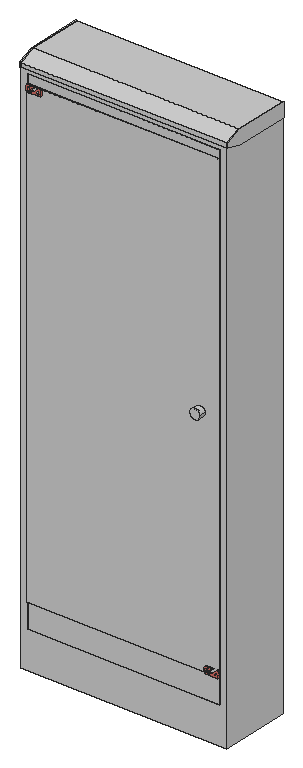
Revit family "120908-00185  Шкаф распределительный ШР-1200-2М ССД", category Обобщенные модели, Revit 2019
Family settings
  Может служить основой для арматурных стержней = Нет
  Размер круглого соединителя = Использовать диаметр
  Тип детали = Нормальный
  На основе рабочей плоскости = Нет
  Всегда вертикально = Да
  При загрузке вырезать с полостями = Нет
  Общий = Нет
  Точка расчета площади = Нет
Parameters (values of type "ШР-1200-2М")
  Толщина 5 = 5 mm  # constant formula
  Толщина 4 = 4 mm  # constant formula
  Толщина 25 = 25 mm  # constant formula
  Толщина -4 = -4 mm  # constant formula
  Смещение от уровня [instance] = 500 mm
  Описание = "Шкаф распределительный  ШР-1200-2М ССД"
  Ноль = 0 mm  # constant formula
  Материал букв = Металл красный
  Материал Каркаса = Металл серый
  ADSK_Этаж [instance] = ""
  ADSK_Размер_Ширина = 840 mm
  ADSK_Размер_Глубина = 285 mm
  ADSK_Размер_Высота = 2240 mm
  ADSK_Примечание [instance] = ""
  ADSK_Предел огнестойкости = ""
  ADSK_Позиция [instance] = ""
  ADSK_Обозначение = ""
  ADSK_Наименование краткое = "ШР-1200-2М"
  ADSK_Наименование = "Шкаф распределительный  ШР-1200-2М ССД"
  ADSK_Масса_Текст = "108"
  ADSK_Марка [instance] = ""
  ADSK_Количество [instance] = 1  # constant formula
  ADSK_Код изделия = "120908-00185"
  ADSK_Зона = ""
  ADSK_Завод-изготовитель = "АО СВЯЗЬСТРОЙДЕТАЛЬ"  # constant formula
  ADSK_Единица измерения = "шт"  # constant formula
  ADSK_URL страницы изделия = "Шкаф распределительный ШР-1200-2М ССД ( 120908-00185 ) (ssd.ru)"
  ADSK_URL документации изделия = "shr_decl_2017.pdf (ssd.ru)"
Reference planes
  plane 1 "тттт": y = 0
  plane 2: z = 0
  plane 3 "УУУУ": x = 0
  plane 4 "УК": y = -82.5
  plane 5: y = 82.5
  plane 6 "Е!": z = 500
  plane 7: z = 2740
  plane 8: z = 650
  plane 9: z = 2695
  plane 10: z = 2680
  plane 11 "Е-1": x = -420
  plane 12 "Е-2": x = 420
  plane 13 "П-2": y = 142.5
  plane 14 "П-1": y = -142.5
  plane 15: z = 2712
  plane 16: x = -393
  plane 17: x = 393
  plane 18: z = 750
  plane 19: z = 2647
  plane 20: x = 314.591
  plane 21: z = 1698.5
Forms (mm)
  Extrusion 1, void, not visible, detail levels fine
    sketch origin (-20, 0, 0) x (1, 0, 0) y (0, 0, 1)
      loop
        arc (-281.999, 290) -> (-261.999, 270) -> (-241.999, 290) r 20
        line (-241.999, 290) -> (-241.999, 370)
        arc (-241.999, 370) -> (-261.999, 390) -> (-281.999, 370) r 20
        line (-281.999, 370) -> (-281.999, 290)
    from 90 to 190
  Extrusion 2, void, not visible
    sketch origin (-20, 0, 225) x (1, 0, 0) y (0, 0, 1)
      loop
        circle (-261.999, 215) r 6.5
    from 90 to 190
  Extrusion 3, void, not visible, detail levels fine
    sketch origin (20, 0, 0) x (-1, 0, 0) y (0, 0, -1)
      loop
        line (-281.999, -290) -> (-281.999, -370)
        arc (-281.999, -370) -> (-261.999, -390) -> (-241.999, -370) r 20
        line (-241.999, -370) -> (-241.999, -290)
        arc (-241.999, -290) -> (-261.999, -270) -> (-281.999, -290) r 20
    from 90 to 190
  Extrusion 4, void, not visible
    sketch origin (20, 0, 225) x (-1, 0, 0) y (0, 0, -1)
      loop
        circle (-261.999, -215) r 6.5
    from 90 to 190
  Extrusion 5, void, not visible
    sketch origin (0, 0, 220) x (0, 1, 0) y (0, 0, 1)
      loop
        circle (-102, 220) r 3.036
      loop
        circle (-172.959, 220) r 3.036
      loop
        circle (-122, 237) r 3.036
      loop
        circle (-157.959, 237) r 3.036
      loop
        circle (-121.964, 203) r 3.036
      loop
        circle (-158.036, 203) r 3.036
      loop
        arc (-162.48, 75) -> (-137.48, 50) -> (-112.48, 75) r 25
        line (-112.48, 75) -> (-112.48, 145)
        arc (-112.48, 145) -> (-137.48, 170) -> (-162.48, 145) r 25
        line (-162.48, 145) -> (-162.48, 75)
    from -312 to 312
  Extrusion 6, solid, material "Металл серый" <- "Материал Каркаса", detail levels medium+fine
    sketch origin (0, -142.5, 0) x (-1, 0, 0) y (0, 0, 1)
      loop
        line (-420, 2695) -> (-420, 500) -> (420, 500) -> (420, 2695) -> (-420, 2695)
      loop
        line (393, 2680) -> (-393, 2680) -> (-393, 650) -> (393, 650) -> (393, 2680)
    from 4 <- "Толщина 4" to 0
  Extrusion 7, solid, material "Металл серый" <- "Материал Каркаса", detail levels medium+fine
    sketch origin (0, 142.5, 0) x (-1, 0, 0) y (0, 0, 1)
      loop
        line (420, 2695) -> (-420, 2695) -> (-420, 500) -> (420, 500) -> (420, 2695)
    from 0 to -4 <- "Толщина -4"
  Extrusion 8, solid, material "Металл серый" <- "Материал Каркаса", detail levels medium+fine
    sketch origin (-420, 0, 0) x (0, 1, 0) y (0, 0, 1)
      loop
        line (142.5, 2695) -> (-142.5, 2695) -> (-142.5, 500) -> (142.5, 500) -> (142.5, 2695)
    from 0 to 4 <- "Толщина 4"
  Extrusion 9, solid, material "Металл серый" <- "Материал Каркаса", detail levels medium+fine
    sketch origin (420, 0, 0) x (0, 1, 0) y (0, 0, 1)
      loop
        line (142.5, 2695) -> (-142.5, 2695) -> (-142.5, 500) -> (142.5, 500) -> (142.5, 2695)
    from -4 <- "Толщина -4" to 0
  Extrusion 10, solid, material "Металл серый" <- "Материал Каркаса", detail levels medium+fine
    sketch origin (-420, 0, 0) x (0, 1, 0) y (0, 0, 1)
      loop
        line (142.5, 2740) -> (-82.5, 2740) -> (-142.5, 2712) -> (-142.5, 2695) -> (-82.5, 2680) -> (142.5, 2680) -> (142.5, 2740)
    from -4 <- "Толщина -4" to 0
  Extrusion 11, solid, material "Металл серый" <- "Материал Каркаса", detail levels medium+fine
    sketch origin (420, 0, 0) x (0, 1, 0) y (0, 0, 1)
      loop
        line (-142.5, 2695) -> (-82.5, 2680) -> (142.5, 2680) -> (142.5, 2740) -> (-82.5, 2740) -> (-142.5, 2712) -> (-142.5, 2695)
    from 0 to 4 <- "Толщина 4"
  Extrusion 12, solid, material "Металл серый" <- "Материал Каркаса", detail levels medium+fine
    sketch origin (-420, 0, 0) x (0, 1, 0) y (0, 0, 1)
      loop
        line (-142.5, 2695) -> (-138.5, 2695) -> (-138.5, 2708.349) -> (-81.391, 2735) -> (138.5, 2735) -> (138.5, 2695) -> (142.5, 2695) -> (142.5, 2740) -> (-82.5, 2740) -> (-142.5, 2712) -> (-142.5, 2695)
    from 0 to 840
  Extrusion 13, solid, material "Металл серый" <- "Материал Каркаса", detail levels medium+fine
    sketch origin (0, -142.5, 0) x (-1, 0, 0) y (0, 0, 1)
      loop
        line (393, 2647) -> (-393, 2647) -> (-393, 750) -> (393, 750) -> (393, 2647)
    from -4 <- "Толщина -4" to 0
  Extrusion 14, solid, material "Металл серый" <- "Материал Каркаса", detail levels medium+fine
    sketch origin (0, -142.5, 0) x (-1, 0, 0) y (0, 0, 1)
      loop
        line (393, 750) -> (-393, 750) -> (-393, 650) -> (393, 650) -> (393, 750)
      loop
        line (393, 2680) -> (-393, 2680) -> (-393, 2647) -> (393, 2647) -> (393, 2680)
    from 0 to 4 <- "Толщина 4"
  Extrusion 15, solid, material "Металл серый" <- "Материал Каркаса", detail levels medium+fine
    sketch origin (0, -142.5, 0) x (-1, 0, 0) y (0, 0, 1)
      loop
        circle (-314.591, 1698.5) r 20
    from -30 to 0
  Extrusion 16, solid, material "Металл серый" <- "Материал Каркаса", detail levels medium+fine
    sketch origin (0, 0, 500) x (-1, 0, 0) y (0, -1, 0)
      loop
        line (420, -142.5) -> (420, 142.5) -> (-420, 142.5) -> (-420, -142.5) -> (420, -142.5)
    from 0 to 4
  Extrusion 17, solid, material "Металл серый" <- "Материал Каркаса", detail levels coarse
    sketch origin (0, 0, 0) x (1, 0, 0) y (0, 1, 0)
      loop
        line (-420, 142.5) -> (-420, -142.5) -> (420, -142.5) -> (420, 142.5) -> (-420, 142.5)
    from 500 to 2740
Cuts and joins
  joined: Extrusion 6, Extrusion 7, Extrusion 8, Extrusion 9, Extrusion 16
Dimensions and locks
  "Смещение от уровня": plane 6 "Е!" to level
  locked: plane 8 to plane 6 "Е!" at 150
  locked: plane 7 to plane 9 at 45
  locked: plane 9 to plane 10 at 15
  "ADSK_Размер_Высота": plane 7 to plane 6 "Е!"
  equal spacing: plane 13 "П-2", plane 1 "тттт", plane 14 "П-1"
  equal spacing: plane 11 "Е-1", plane 3 "УУУУ", plane 12 "Е-2"
  "ADSK_Размер_Глубина": plane 13 "П-2" to plane 14 "П-1"
  "ADSK_Размер_Ширина": plane 11 "Е-1" to plane 12 "Е-2"
  locked: plane 4 "УК" to plane 14 "П-1" at 60
  locked: plane 13 "П-2" to plane 5 at 60
  locked: plane 15 to plane 9 at 17
  locked: plane 16 to plane 11 "Е-1" at 27
  locked: plane 12 "Е-2" to plane 17 at 27
  "Толщина 5": Extrusion 10 to Extrusion 12 sketch curve  (x2)
  "Толщина 4": Extrusion 12 sketch curve to Extrusion 10
  "Толщина 4": Extrusion 10 to Extrusion 12 sketch curve
  locked: plane 18 to plane 8 at 100
  locked: plane 10 to plane 19 at 33
  plane 17 to plane 20 = 78.409 mm
  equal spacing: plane 19, plane 21, plane 18
  aligned and locked: level to plane 2
  aligned and locked: plane 9 to Extrusion 6 sketch curve
  aligned and locked: Extrusion 6 sketch curve to plane 6 "Е!"
  aligned and locked: Extrusion 6 sketch curve to plane 11 "Е-1"
  aligned and locked: plane 12 "Е-2" to Extrusion 6 sketch curve
  aligned and locked: Extrusion 6 sketch curve to plane 8
  aligned and locked: plane 17 to Extrusion 6 sketch curve
  aligned and locked: Extrusion 6 sketch curve to plane 16
  aligned and locked: Extrusion 6 sketch curve to plane 10
  aligned and locked: Extrusion 6 to plane 14 "П-1"
  aligned and locked: plane 6 "Е!" to Extrusion 7 sketch curve
  aligned and locked: plane 11 "Е-1" to Extrusion 7 sketch curve
  aligned and locked: Extrusion 7 sketch curve to plane 12 "Е-2"
  aligned and locked: Extrusion 7 sketch curve to plane 9
  aligned and locked: plane 13 "П-2" to Extrusion 7
  aligned and locked: Extrusion 8 sketch curve to Extrusion 7  (x2)
  aligned and locked: Extrusion 8 sketch curve to Extrusion 6  (x2)
  aligned and locked: Extrusion 8 to plane 11 "Е-1"
  aligned and locked: Extrusion 9 sketch curve to cut or joined group of Extrusion 6, Extrusion 7, Extrusion 8, Extrusion 9, Extrusion 16  (x2)
  aligned and locked: cut or joined group of Extrusion 6, Extrusion 7, Extrusion 8, Extrusion 9, Extrusion 16 to Extrusion 9 sketch curve
  aligned and locked: Extrusion 9 sketch curve to plane 9
  aligned and locked: plane 12 "Е-2" to Extrusion 9
  aligned and locked: plane 13 "П-2" to Extrusion 10 sketch curve
  aligned and locked: Extrusion 10 sketch curve to plane 7
  aligned and locked: plane 10 to Extrusion 10 sketch curve
  aligned and locked: plane 14 "П-1" to Extrusion 10 sketch curve
  aligned and locked: plane 15 to Extrusion 10 sketch curve
  aligned and locked: Extrusion 10 sketch curve to plane 4 "УК"  (x2)
  aligned and locked: plane 9 to Extrusion 10 sketch curve
  aligned and locked: plane 11 "Е-1" to Extrusion 10
  aligned and locked: Extrusion 11 sketch curve to plane 14 "П-1"
  aligned and locked: Extrusion 11 sketch curve to plane 10
  aligned and locked: plane 7 to Extrusion 11 sketch curve
  aligned and locked: Extrusion 11 sketch curve to plane 13 "П-2"
  aligned and locked: plane 15 to Extrusion 11 sketch curve
  aligned and locked: plane 4 "УК" to Extrusion 11 sketch curve  (x2)
  aligned and locked: plane 9 to Extrusion 11 sketch curve
  aligned and locked: Extrusion 11 to plane 12 "Е-2"
  aligned and locked: Extrusion 12 sketch curve to plane 7
  aligned and locked: plane 14 "П-1" to Extrusion 12 sketch curve
  aligned and locked: plane 13 "П-2" to Extrusion 12 sketch curve
  aligned and locked: Extrusion 12 to plane 11 "Е-1"
  aligned and locked: plane 12 "Е-2" to Extrusion 12
  aligned and locked: Extrusion 13 sketch curve to plane 19
  aligned and locked: Extrusion 13 sketch curve to cut or joined group of Extrusion 6, Extrusion 7, Extrusion 8, Extrusion 9, Extrusion 16
  aligned and locked: Extrusion 13 sketch curve to plane 18
  aligned and locked: Extrusion 13 sketch curve to plane 17
  aligned and locked: plane 14 "П-1" to Extrusion 13
  aligned and locked: Extrusion 14 sketch curve to Extrusion 13  (x4)
  aligned and locked: Extrusion 14 sketch curve to cut or joined group of Extrusion 6, Extrusion 7, Extrusion 8, Extrusion 9, Extrusion 16  (x4)
  aligned and locked: Extrusion 14 to plane 14 "П-1"
  aligned and locked: plane 14 "П-1" to Extrusion 15
  aligned and locked: Extrusion 16 sketch curve to cut or joined group of Extrusion 6, Extrusion 7, Extrusion 8, Extrusion 9, Extrusion 16  (x4)
  aligned and locked: plane 18 to nested 1
  aligned and locked: nested 1 to plane 17
  aligned and locked: plane 16 to nested 2
  aligned and locked: plane 19 to nested 2
  aligned and locked: nested 2 to Extrusion 13
  aligned and locked: Extrusion 13 to nested 1
  aligned and locked: Extrusion 17 sketch curve to cut or joined group of Extrusion 6, Extrusion 7, Extrusion 8, Extrusion 9, Extrusion 16  (x4)
  aligned and locked: plane 7 to Extrusion 17
  aligned and locked: Extrusion 17 to plane 6 "Е!"
  aligned and locked: nested 3 to plane 6 "Е!"
  aligned and locked: plane 7 to nested 3
  aligned and locked: plane 11 "Е-1" to nested 3
  aligned and locked: plane 12 "Е-2" to nested 3
Automatic sketch dimensions
  Extrusion 15 sketch curve to plane 20 = 0 mm
  Extrusion 15 sketch curve to plane 21 = 0 mm
  Extrusion 12 sketch curve to plane 4 "УК" = 0 mm
  Extrusion 12 sketch curve to plane 9 = 0 mm  (x2)
  Extrusion 12 sketch curve to plane 15 = 0 mm
  radius of Extrusion 15 sketch curve = 20 mm
Nested families
  nested 1: "ССД" at (363.016, -146.5, 750), Материал <- "Материал букв", type "ССД", detail levels fine
    with Материал Металл красный
  nested 2: "ССД" at (-363.016, -146.5, 2621), Материал <- "Материал букв", type "ССД", detail levels fine
    with Материал Металл красный
  nested 3: "ЭУ_Шкаф распределительный" at (0, 0, 500) x (1, 0, 0) z (0, -1, 0), type "ЭУ_Шкаф распределительный", detail levels coarse
    with ADSK_Размер_Ширина 840 mm, ADSK_Размер_Высота 2240 mm
Definition of nested family "ССД"
  Parameters (values of type "ССД")
    Материал [instance] = none
  Reference planes
    plane 1 "По центру (Вперед/Назад)": y = 0
    plane 2: z = 0
    plane 3 "По центру (Влево/Вправо)": x = 0
    plane 4: y = -5
    plane 5: z = 26
    plane 6: x = -29.984
    plane 7: x = 29.984
  Forms (mm)
    Extrusion 1, solid, material <- "Материал"
      sketch origin (-4.748, 0, -135.953) x (1, 0, 0) y (0, 0, 1)
        loop
          arc (-12.562, 161.735) -> (-25.455, 148.886) -> (-12.605, 135.993) r 12.871
          line (-12.605, 135.993) -> (-5.127, 135.993)
          arc (-5.127, 135.993) -> (-8.341, 138.928) -> (-10.997, 142.376) r 24.946
          line (-10.997, 142.376) -> (-12.584, 142.376)
          arc (-12.584, 142.376) -> (-19.072, 148.864) -> (-12.584, 155.352) r 6.488
          line (-12.584, 155.352) -> (-10.972, 155.352)
          arc (-10.972, 155.352) -> (-8.292, 158.804) -> (-5.051, 161.735) r 24.946
          line (-5.051, 161.735) -> (-12.562, 161.735)
        loop
          arc (3.387, 161.709) -> (-9.505, 148.859) -> (3.344, 135.967) r 12.871
          line (3.344, 135.967) -> (34.291, 135.915) -> (34.334, 161.666) -> (28.9, 161.666) -> (8.095, 144.25) -> (16.764, 144.25) -> (28.888, 154.399) -> (28.868, 142.307) -> (3.34, 142.35)
          arc (3.34, 142.35) -> (-3.122, 148.856) -> (3.377, 155.326) r 6.488
          line (3.377, 155.326) -> (4.978, 155.326)
          arc (4.978, 155.326) -> (7.657, 158.777) -> (10.898, 161.709) r 24.946
          line (10.898, 161.709) -> (3.387, 161.709)
      from 0 to 5
  Lines and regions (mm)
    symbolic lines
      curve 1: line (-29.984, 0, 0) -> (29.984, 0, 0)
      curve 2: line (-29.984, 0, 26) -> (29.984, 0, 26)
      curve 3: line (-29.984, 0, 0) -> (-29.984, 0, 26)
      curve 4: line (29.984, 0, 0) -> (-29.984, 0, 0)
      curve 5: line (29.984, 0, 26) -> (29.984, 0, 0)
  Dimensions and locks
    locked: plane 1 "По центру (Вперед/Назад)" to plane 4 at 5
    locked: plane 5 to plane 2 at 26
    equal spacing: plane 7, plane 3 "По центру (Влево/Вправо)", plane 6
    locked: plane 7 to plane 6 at 59.968
    aligned and locked: level to plane 2
    aligned and locked: plane 1 "По центру (Вперед/Назад)" to curve 1
    aligned and locked: Extrusion 1 to plane 4
    aligned and locked: Extrusion 1 to plane 1 "По центру (Вперед/Назад)"
    aligned and locked: curve 2 to plane 5
    aligned and locked: plane 6 to curve 3
    aligned and locked: plane 2 to curve 4
    aligned and locked: curve 5 to plane 7
  Automatic sketch dimensions
    curve 1 to plane 6 = 0 mm
    curve 1 to plane 7 = 0 mm
    Extrusion 1 sketch curve to Extrusion 1 sketch curve = 0 mm  (x6)
    Extrusion 1 sketch curve to plane 3 "По центру (Влево/Вправо)" = 17.331 mm
    Extrusion 1 sketch curve to Extrusion 1 sketch curve = 0.022 mm
    Extrusion 1 sketch curve to Extrusion 1 sketch curve = 1.587 mm
    Extrusion 1 sketch curve to Extrusion 1 sketch curve = 1.612 mm
    Extrusion 1 sketch curve to plane 3 "По центру (Влево/Вправо)" = 9.875 mm
    Extrusion 1 sketch curve to plane 3 "По центру (Влево/Вправо)" = 1.407 mm
    Extrusion 1 sketch curve to plane 3 "По центру (Влево/Вправо)" = 1.382 mm
    Extrusion 1 sketch curve to plane 3 "По центру (Влево/Вправо)" = 1.371 mm
    Extrusion 1 sketch curve to plane 3 "По центру (Влево/Вправо)" = 1.36 mm
    Extrusion 1 sketch curve to Extrusion 1 sketch curve = 1.601 mm
    Extrusion 1 sketch curve to Extrusion 1 sketch curve = 4.755 mm
    Extrusion 1 sketch curve to Extrusion 1 sketch curve = 1.902 mm
    Extrusion 1 sketch curve to Extrusion 1 sketch curve = 5.043 mm
    Extrusion 1 sketch curve to Extrusion 1 sketch curve = 0.878 mm
    Extrusion 1 sketch curve to Extrusion 1 sketch curve = 6.767 mm
    Extrusion 1 sketch curve to plane 7 = 8.785 mm
    Extrusion 1 sketch curve to plane 7 = 5.864 mm
    Extrusion 1 sketch curve to plane 7 = 5.844 mm
    Extrusion 1 sketch curve to plane 7 = 5.831 mm
    Extrusion 1 sketch curve to plane 7 = 0.44 mm
    Extrusion 1 sketch curve to plane 7 = 0.397 mm
    Extrusion 1 sketch curve to plane 5 = 26.038 mm
    Extrusion 1 sketch curve to Extrusion 1 sketch curve = 0.079 mm
    Extrusion 1 sketch curve to Extrusion 1 sketch curve = 5.898 mm
    Extrusion 1 sketch curve to Extrusion 1 sketch curve = 0.027 mm
    Extrusion 1 sketch curve to Extrusion 1 sketch curve = 0.494 mm
    Extrusion 1 sketch curve to Extrusion 1 sketch curve = 0.51 mm
    Extrusion 1 sketch curve to Extrusion 1 sketch curve = 6.383 mm
    Extrusion 1 sketch curve to Extrusion 1 sketch curve = 2.411 mm
    Extrusion 1 sketch curve to Extrusion 1 sketch curve = 6.488 mm  (x2)
    Extrusion 1 sketch curve to Extrusion 1 sketch curve = 12.092 mm
    Extrusion 1 sketch curve to Extrusion 1 sketch curve = 7.267 mm
    Extrusion 1 sketch curve to plane 3 "По центру (Влево/Вправо)" = 9.798 mm
    Extrusion 1 sketch curve to plane 3 "По центру (Влево/Вправо)" = 1.404 mm
Definition of nested family "ЭУ_Шкаф распределительный"
  Parameters (values of type "ЭУ_Шкаф распределительный")
    ADSK_Размер_Ширина [instance] = 640 mm
    ADSK_Размер_Высота [instance] = 1180 mm
  Reference planes
    plane 1 "По центру (Вперед/Назад)": y = 0
    plane 2: z = 0
    plane 3 "По центру (Влево/Вправо)": x = 0
    plane 4: x = -320
    plane 5: x = 320
    plane 6: y = 1180
    plane 7: y = 1087
    plane 8: x = -293
    plane 9: x = 293
    plane 10 "По центру (В/С": y = 250
    plane 11: x = 200
    plane 12: y = 668.5
  Lines and regions (mm)
    detail lines, in view "Опорный уровень"
      curve 1: line (-320, 1180, 0) -> (320, 1180, 0)
      curve 2: line (-320, 0, 0) -> (-320, 1180, 0)
      curve 3: line (320, 0, 0) -> (-320, 0, 0)
      curve 4: line (320, 1180, 0) -> (320, 0, 0)
      curve 5: line (-293, 1087, 0) -> (293, 1087, 0)
      curve 6: line (-293, 250, 0) -> (-293, 1087, 0)
      curve 7: line (293, 250, 0) -> (-293, 250, 0)
      curve 8: circle (200, 668.5, 0) r 20 normal (0, 0, 1)
      curve 9: line (293, 1087, 0) -> (293, 250, 0)
  Dimensions and locks
    equal spacing: plane 4, plane 3 "По центру (Влево/Вправо)", plane 5
    "ADSK_Размер_Ширина": plane 4 to plane 5
    "ADSK_Размер_Высота": plane 6 to plane 1 "По центру (Вперед/Назад)"
    locked: plane 9 to plane 5 at 27
    locked: plane 4 to plane 8 at 27
    equal spacing: plane 7, plane 12, plane 10 "По центру (В/С"
    locked: plane 10 "По центру (В/С" to plane 1 "По центру (Вперед/Назад)" at 250
    locked: plane 6 to plane 7 at 93
    locked: plane 11 to plane 9 at 93
    aligned and locked: curve 1 to plane 6
    aligned and locked: plane 4 to curve 2
    aligned and locked: curve 3 to plane 1 "По центру (Вперед/Назад)"
    aligned and locked: curve 4 to plane 5
    aligned and locked: curve 5 to plane 7
    aligned and locked: plane 8 to curve 6
    aligned and locked: plane 10 "По центру (В/С" to curve 7
    aligned and locked: plane 12 to curve 8
    aligned and locked: plane 11 to curve 8
    aligned and locked: curve 9 to plane 9
  Automatic sketch dimensions
    radius of curve 8 = 20 mm
